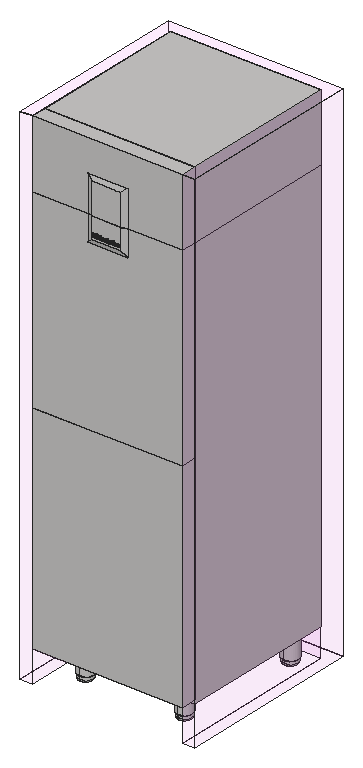
Revit family "QF_ELECTROLUXPROFESSIONAL_691348_PS04R2FHC", category Specialty Equipment, Revit 2018
Family settings
  Round Connector Dimension = Use Diameter
  Part Type = Normal
  Work Plane-Based = No
  Always vertical = Yes
  Cut with Voids When Loaded = No
  Shared = No
  Room Calculation Point = No
Parameters (values of type "Standard")
  Weight = 21.8091 lbm
  Watts = 0 W
  Volts = 220 V
  URL Manufacturer = "http://professional.electrolux.com"
  URL = "http://professional.electrolux.com"
  Steam Supply Size = 0"
  Steam Supply Minimum Pressure = 0.00 psi
  Steam Supply Maximum Pressure = 0.00 psi
  Steam Pounds per Hour = 0
  Show Clearance [instance] = yes
  Refrigeration Suction Line Size = 0"
  Refrigeration Liquid Line Size = 0"
  Refrigerant Compressor Remote = yes
  Phase = 1
  Model = "PS04R2FHC"
  Manufacturer = "Electrolux Professional"
  Length Actual = 600 mm  # constant formula
  Item Number = "691348"
  Hot Water Size = 0"
  Height Actual = 2040 mm  # constant formula
  HP = "0.2 HP"
  Gas Size = 0"
  Gas KW = 0
  Gas Input Pressure = 0.0 Btu/h
  Direct Waste Size = 0"
  Description = "2-DOOR REFRIGERATOR 470LT,0/+10°,PROSTORE-R290"
  Depth Actual = 700 mm  # constant formula
  Cycle = 50 Hz
  Condensate Return Size = 0"
  Compressed Air Volume = 0 GPM
  Compressed Air Size = 0"
  Compressed Air Pressure = 0.00 psi
  Cold Water Size = 0"
  Accessory = yes
Types (2, lengths in mm): name | URL | Phase | Model | Manufacturer | Description
  (no name) | "http://professional.electrolux.com/" | 0 | "RBC201" | "Electrolux" | "BLAST CHILLER 56 KG 20 GN1/1"
  Standard | "http://professional.electrolux.com" | 1 | "PS04R2FHC" | "Electrolux Professional" | "2-DOOR REFRIGERATOR 470LT,0/+10°,PROSTORE-R290"
Values of the unnamed type that differ from the named types
  Volts = 380 V
  URL Manufacturer = "http://professional.electrolux.com/"
  Item Number = "726624"
Reference planes
  plane 1 "BACK": y = 0
  plane 2: z = 0
  plane 3 "LEFT": x = 0
  plane 4 "RIGHT": x = 600
  plane 5 "FRONT": y = -700
  plane 6 "TOP": z = 2040
  plane 7 "Center Y": x = 300
  plane 8 "Center X": y = -350
  plane 9: x = 102
  plane 10: x = 498
  plane 11: z = 115
  plane 12: z = 86
  plane 13: y = -76
  plane 14: y = -694
  plane 15: y = -1227
  plane 16: y = -630
  plane 17: z = 1770
  plane 18: x = -50
  plane 19: y = 50
  plane 20: x = 650
Forms (mm)
  Extrusion 1, solid, material "QF_Metal - Stainless - Polished"
    sketch origin (0, 0, 0) x (1, 0, 0) y (0, 0, 1)
      loop
        line (0, 2040) -> (0, 1770) -> (600, 1770) -> (600, 2040) -> (0, 2040)
    from 0 to 630
  Extrusion 2, solid, material "QF_Metal - Stainless - Polished"
    sketch origin (0, 0, 0) x (1, 0, 0) y (0, 0, 1)
      loop
        line (0, 1770) -> (0, 115) -> (600, 115) -> (600, 1770) -> (0, 1770)
    from 0 to 630
  Extrusion 3, solid, material "QF_Metal - Stainless - Polished"
    sketch origin (-370, 0, -128) x (1, 0, 0) y (0, 0, 1)
      loop
        circle (450, 1847.083) r 20
    from -7.507 to 0
  Extrusion 4, solid, material "QF_Door-Drawer Clearances", visible <- "Show Clearance", detail levels coarse
    sketch origin (0, 0, 0) x (1, 0, 0) y (0, 1, 0)
      loop
        line (600, -694) -> (0, -694)
        arc (0, -694) -> (187.42, -1087.232) -> (600, -1227) r 559.707
        line (600, -1227) -> (600, -694)
    from 127.536 to 995.399
  Extrusion 5, solid, material "QF_Metal - Stainless - Polished"
    sketch origin (0, 130.478, 0) x (1, 0, 0) y (0, 0, 1)
      loop
        line (0, 2040) -> (0, 1770) -> (600, 1770) -> (600, 2040) -> (0, 2040)
    from 760.478 to 824.478
  Extrusion 6, solid, material "QF_Metal - Stainless - Polished"
    sketch origin (0, 140, 0) x (1, 0, 0) y (0, 0, 1)
      loop
        line (0, 1770) -> (0, 995.399) -> (600, 995.399) -> (600, 1770) -> (0, 1770)
    from 834 to 770
  Revolve 7, solid, material "QF_Metal - Stainless - Polished"
    sketch origin (497.59, -1.833, 0) x (0, 1, 0) y (0, 0, -1)
      loop
        line (-590.954, -115) -> (-553.167, -115) -> (-553.167, 0) -> (-578.757, 0)
        arc (-578.757, 0) -> (-580.973, -2.655) -> (-581.767, -6.021) r 7.527
        line (-581.767, -6.021) -> (-581.767, -17.561) -> (-585.28, -21.074) -> (-585.28, -110.008) -> (-590.954, -110.008) -> (-590.954, -115)
      axis (-553.167, 0) -> (-553.167, -115)
    angle from 0 to 360
  Revolve 8, solid, material "QF_Metal - Stainless - Polished"
    sketch origin (102, -1.833, 0) x (0, 1, 0) y (0, 0, 1)
      loop
        line (-590.954, 115) -> (-590.954, 110.008) -> (-585.28, 110.008) -> (-585.28, 21.074) -> (-581.767, 17.561) -> (-581.767, 6.021)
        arc (-581.767, 6.021) -> (-580.973, 2.655) -> (-578.757, 0) r 7.527
        line (-578.757, 0) -> (-553.167, 0) -> (-553.167, 115) -> (-590.954, 115)
      axis (-553.167, 0) -> (-553.167, 115)
    angle from 0 to 360
  Revolve 9, solid, material "QF_Metal - Stainless - Polished"
    sketch origin (538, -759.167, 0) x (0, -1, 0) y (0, 0, 1)
      loop
        line (-720.954, 115) -> (-720.954, 110.008) -> (-715.28, 110.008) -> (-715.28, 21.074) -> (-711.767, 17.561) -> (-711.767, 6.021)
        arc (-711.767, 6.021) -> (-710.973, 2.655) -> (-708.757, 0) r 7.527
        line (-708.757, 0) -> (-683.167, 0) -> (-683.167, 115) -> (-720.954, 115)
      axis (-683.167, 0) -> (-683.167, 115)
    angle from 0 to 360
  Revolve 10, solid, material "QF_Metal - Stainless - Polished"
    sketch origin (62, -759.167, 0) x (0, -1, 0) y (0, 0, 1)
      loop
        line (-720.954, 115) -> (-720.954, 110.008) -> (-715.28, 110.008) -> (-715.28, 21.074) -> (-711.767, 17.561) -> (-711.767, 6.021)
        arc (-711.767, 6.021) -> (-710.973, 2.655) -> (-708.757, 0) r 7.527
        line (-708.757, 0) -> (-683.167, 0) -> (-683.167, 115) -> (-720.954, 115)
      axis (-683.167, 0) -> (-683.167, 115)
    angle from 0 to 360
  Blend 11, solid, material "QF_Metal - Stainless - Polished"
    base sketch origin (-150, -694, 0) x (1, 0, 0) y (0, 0, 1)
      loop
        line (370, 1914.822) -> (370, 1664.822) -> (530, 1664.822) -> (530, 1914.822) -> (370, 1914.822)
    top sketch origin (-150, -694, 0) x (1, 0, 0) y (0, 0, 1)
      loop
        line (510, 1894.822) -> (390, 1894.822) -> (390, 1684.822) -> (510, 1684.822) -> (510, 1894.822)
    from 0 to 6
  Extrusion 12, void
    sketch origin (-150, -700, 0) x (-1, 0, 0) y (0, 0, 1)
      loop
        line (-370, 1770.997) -> (-530, 1770.997) -> (-530, 1769.003) -> (-370, 1769.003) -> (-370, 1770.997)
    from 0 to 6
  Extrusion 13, solid, material "QF_Door-Drawer Clearances"
    sketch origin (0, 0, 0) x (1, 0, 0) y (0, 1, 0)
      loop
        line (0, -694) -> (0, 0) -> (600, 0) -> (600, -694) -> (650, -694) -> (650, 50) -> (-50, 50) -> (-50, -694) -> (0, -694)
    from 0 to 2040
  Extrusion 14, solid, material "QF_Door-Drawer Clearances", visible <- "Show Clearance", detail levels coarse
    sketch origin (0, 0, 0) x (1, 0, 0) y (0, 1, 0)
      loop
        line (600, -694) -> (0, -694)
        arc (0, -694) -> (187.42, -1087.232) -> (600, -1227) r 559.707
        line (600, -1227) -> (600, -694)
    from 995.399 to 1770
  Extrusion 15, solid, material "QF_Metal - Stainless - Polished"
    sketch origin (0, 140, 0) x (1, 0, 0) y (0, 0, 1)
      loop
        line (0, 995.399) -> (0, 127.536) -> (600, 127.536) -> (600, 995.399) -> (0, 995.399)
    from 834 to 770
Cuts and joins
  Extrusion 12 cuts Extrusion 1
  Extrusion 12 cuts Extrusion 2
  Extrusion 12 cuts Extrusion 5
  Extrusion 12 cuts Extrusion 6
  Extrusion 12 cuts Blend 11
Lines and regions (mm)
  Split face 1
    outline origin (-150, -700, 0) x (1, 0, 0) y (0, 0, 1)
      loop
        line (415, 1894.822) -> (415, 1742.499) -> (485, 1742.499) -> (485, 1894.822)
  symbolic lines
    curve 1: line (0, 0, 0) -> (600, 0, 0)
    curve 2: line (0, -694, 0) -> (0, 0, 0)
    curve 3: line (600, -694, 0) -> (0, -694, 0)
    curve 4: line (600, 0, 0) -> (600, -694, 0)
    curve 5: line (0, -630, 0) -> (600, -630, 0)
    curve 6: line (220, -694, 0) -> (240, -700, 0)
    curve 7: line (240, -700, 0) -> (360, -700, 0)
    curve 8: line (360, -700, 0) -> (380, -694, 0)
  symbolic lines, style "QF_Door-Drawer Clearances"
    curve 9: arc (0, -694, 0) -> (187.42, -1087.232, 0) -> (600, -1227, 0) r 559.707
    curve 10: line (600, -1227, 0) -> (600, -694, 0)
    curve 11: line (0, -694, 0) -> (-50, -694, 0)
    curve 12: line (-50, -694, 0) -> (-50, 50, 0)
    curve 13: line (-50, 50, 0) -> (650, 50, 0)
    curve 14: line (650, 50, 0) -> (650, -694, 0)
    curve 15: line (650, -694, 0) -> (600, -694, 0)
Dimensions and locks
  equal spacing: plane 3 "LEFT", plane 7 "Center Y", plane 4 "RIGHT"
  plane 3 "LEFT" to plane 4 "RIGHT" = 600 mm
  equal spacing: plane 5 "FRONT", plane 8 "Center X", plane 1 "BACK"
  plane 5 "FRONT" to plane 1 "BACK" = 700 mm
  plane 6 "TOP" to level = 2040 mm
  plane 9 to plane 3 "LEFT" = 102 mm
  plane 10 to plane 4 "RIGHT" = 102 mm
  plane 11 to level = 115 mm
  plane 12 to plane 11 = 29 mm
  plane 1 "BACK" to plane 13 = 76 mm
  plane 15 to plane 1 "BACK" = 1227 mm
  plane 3 "LEFT" to Extrusion 4 = 600 mm
  plane 11 to plane 2 = 115 mm
  plane 1 "BACK" to plane 16 = 630 mm
  plane 18 to plane 3 "LEFT" = 50 mm
  plane 4 "RIGHT" to plane 20 = 50 mm
  plane 1 "BACK" to plane 19 = 50 mm
  aligned and locked: level to plane 2
  aligned and locked: Extrusion 5 to plane 4 "RIGHT"
  aligned and locked: Extrusion 5 to plane 3 "LEFT"
  aligned and locked: plane 5 "FRONT" to Blend 11
  aligned and locked: Extrusion 15 to Extrusion 4
  aligned and locked: Extrusion 14 to Extrusion 6
Automatic sketch dimensions
  Extrusion 1 sketch curve to plane 3 "LEFT" = 0 mm
  plane 4 "RIGHT" to Extrusion 1 sketch curve = 0 mm
  Extrusion 1 sketch curve to plane 17 = 0 mm
  Extrusion 1 sketch curve to plane 6 "TOP" = 0 mm
  Extrusion 2 sketch curve to plane 3 "LEFT" = 0 mm
  plane 4 "RIGHT" to Extrusion 2 sketch curve = 0 mm
  Extrusion 2 sketch curve to plane 11 = 0 mm
  Extrusion 2 sketch curve to plane 17 = 0 mm
  Extrusion 3 sketch curve to plane 9 = 22 mm
  Extrusion 3 sketch curve to plane 17 = 50.917 mm
  Extrusion 4 sketch curve to plane 3 "LEFT" = 0 mm
  Extrusion 4 sketch curve to plane 4 "RIGHT" = 0 mm
  Extrusion 4 sketch curve to plane 15 = 0 mm
  plane 14 to Extrusion 4 sketch curve = 0 mm
  Extrusion 4 sketch curve to plane 14 = 25.214 mm
  Extrusion 5 sketch curve to plane 3 "LEFT" = 0 mm
  plane 4 "RIGHT" to Extrusion 5 sketch curve = 0 mm
  Extrusion 5 sketch curve to plane 17 = 0 mm
  Extrusion 5 sketch curve to plane 6 "TOP" = 0 mm
  Extrusion 6 sketch curve to plane 3 "LEFT" = 0 mm
  plane 4 "RIGHT" to Extrusion 6 sketch curve = 0 mm
  Extrusion 6 sketch curve to plane 17 = 0 mm
  plane 11 to Extrusion 6 sketch curve = 880.399 mm
  plane 11 to Revolve 7 sketch curve = 0 mm
  Revolve 7 sketch curve to level = 0 mm
  plane 16 to Revolve 7 sketch curve = 37.213 mm
  Revolve 7 sketch curve to Revolve 7 sketch curve = 5.674 mm
  Revolve 7 sketch curve to Revolve 7 sketch curve = 3.513 mm  (x2)
  Revolve 7 sketch curve to Revolve 7 sketch curve = 3.01 mm
  level to Revolve 7 sketch curve = 6.021 mm
  Revolve 7 sketch curve to Revolve 7 sketch curve = 21.073 mm
  Revolve 7 sketch curve to plane 11 = 4.992 mm  (x2)
  Revolve 7 sketch curve to Revolve 7 sketch curve = 15.053 mm
  Revolve 7 sketch curve to Revolve 7 sketch curve = 0 mm
  Revolve 7 sketch curve to Revolve 7 sketch curve = 20.008 mm
  Revolve 8 sketch curve to plane 11 = 0 mm
  Revolve 8 sketch curve to level = 0 mm
  plane 16 to Revolve 8 sketch curve = 37.213 mm
  Revolve 8 sketch curve to Revolve 8 sketch curve = 5.674 mm
  Revolve 8 sketch curve to Revolve 8 sketch curve = 3.513 mm  (x2)
  Revolve 8 sketch curve to Revolve 8 sketch curve = 3.01 mm
  level to Revolve 8 sketch curve = 6.021 mm
  Revolve 8 sketch curve to Revolve 8 sketch curve = 21.073 mm
  Revolve 8 sketch curve to Revolve 8 sketch curve = 11.54 mm
  Revolve 8 sketch curve to plane 11 = 4.992 mm
  Revolve 8 sketch curve to Revolve 8 sketch curve = 0 mm
  Revolve 8 sketch curve to Revolve 8 sketch curve = 4.992 mm
  plane 11 to Revolve 8 sketch curve = 20.008 mm
  Revolve 9 sketch curve to plane 11 = 0 mm
  Revolve 9 sketch curve to level = 0 mm
  Revolve 9 sketch curve to plane 13 = 0 mm  (x2)
  level to Revolve 9 sketch curve = 6.021 mm
  Revolve 9 sketch curve to plane 13 = 21.073 mm
  Revolve 9 sketch curve to Revolve 9 sketch curve = 4.517 mm
  Revolve 9 sketch curve to Revolve 9 sketch curve = 3.513 mm  (x2)
  Revolve 9 sketch curve to Revolve 9 sketch curve = 5.674 mm
  Revolve 9 sketch curve to Revolve 9 sketch curve = 11.54 mm
  Revolve 9 sketch curve to plane 11 = 4.992 mm
  Revolve 9 sketch curve to Revolve 9 sketch curve = 4.992 mm
  plane 11 to Revolve 9 sketch curve = 20.008 mm
  Revolve 10 sketch curve to plane 11 = 0 mm
  Revolve 10 sketch curve to level = 0 mm
  Revolve 10 sketch curve to plane 13 = 0 mm  (x2)
  Revolve 10 sketch curve to level = 6.021 mm
  plane 13 to Revolve 10 sketch curve = 21.073 mm
  Revolve 10 sketch curve to Revolve 10 sketch curve = 4.517 mm
  Revolve 10 sketch curve to Revolve 10 sketch curve = 3.513 mm  (x2)
  Revolve 10 sketch curve to Revolve 10 sketch curve = 5.674 mm
  Revolve 10 sketch curve to Revolve 10 sketch curve = 11.54 mm
  plane 11 to Revolve 10 sketch curve = 4.992 mm  (x2)
  Revolve 10 sketch curve to Revolve 10 sketch curve = 20.008 mm
  Blend 11 sketch curve to Extrusion 6 = 105.178 mm
  Blend 11 sketch curve to Extrusion 6 = 220 mm
  Blend 11 sketch curve to Blend 11 sketch curve = 160 mm
  Extrusion 6 to Blend 11 sketch curve = 144.822 mm
  Extrusion 6 to Blend 11 sketch curve = 124.822 mm
  Blend 11 sketch curve to Extrusion 6 = 240 mm
  Blend 11 sketch curve to Blend 11 sketch curve = 120 mm
  Blend 11 sketch curve to Extrusion 6 = 85.178 mm
  Split face 1 sketch curve to Blend 11 = 0 mm  (x2)
  Split face 1 sketch curve to Blend 11 = 25 mm  (x2)
  Split face 1 sketch curve to Blend 11 = 57.677 mm
  Extrusion 12 sketch curve to Blend 11 = 20 mm  (x2)
  Blend 11 to Extrusion 12 sketch curve = 84.181 mm
  Extrusion 12 sketch curve to Extrusion 12 sketch curve = 1.995 mm
  Extrusion 13 sketch curve to plane 18 = 0 mm
  plane 1 "BACK" to Extrusion 13 sketch curve = 0 mm
  Extrusion 13 sketch curve to plane 3 "LEFT" = 0 mm
  Extrusion 13 sketch curve to plane 4 "RIGHT" = 0 mm
  Extrusion 13 sketch curve to plane 19 = 0 mm
  Extrusion 13 sketch curve to plane 20 = 0 mm
  plane 14 to Extrusion 13 sketch curve = 0 mm  (x2)
  curve 13 to plane 18 = 0 mm
  curve 3 to plane 3 "LEFT" = 0 mm
  plane 5 "FRONT" to curve 7 = 0 mm
  curve 9 to plane 4 "RIGHT" = 0 mm
  curve 15 to plane 4 "RIGHT" = 0 mm
  plane 14 to curve 14 = 0 mm
  curve 14 to plane 20 = 0 mm
  curve 10 to plane 15 = 0 mm
  curve 5 to plane 16 = 0 mm
  plane 1 "BACK" to curve 4 = 0 mm
  curve 13 to plane 19 = 0 mm
  curve 7 to plane 7 "Center Y" = 60 mm
  plane 7 "Center Y" to curve 8 = 60 mm
  curve 9 to plane 14 = 25.214 mm
  curve 6 to curve 6 = 20 mm
  curve 7 to curve 8 = 20 mm
  Extrusion 14 sketch curve to plane 3 "LEFT" = 0 mm
  Extrusion 14 sketch curve to plane 4 "RIGHT" = 0 mm
  Extrusion 14 sketch curve to plane 15 = 0 mm
  plane 14 to Extrusion 14 sketch curve = 0 mm
  Extrusion 14 sketch curve to plane 14 = 25.214 mm
  Extrusion 15 sketch curve to plane 3 "LEFT" = 0 mm
  plane 4 "RIGHT" to Extrusion 15 sketch curve = 0 mm
  Extrusion 15 sketch curve to plane 17 = 774.601 mm
  plane 11 to Extrusion 15 sketch curve = 12.536 mm
  radius of Extrusion 3 sketch curve = 20 mm
Nested families
  nested 1: "ELX_Logo_S" at (300.625, -700, 1704.375) x (1, 0, 0) z (0, -1, 0), type "ELX_Logo_S"
Connectors
  electrical at (80, 7.507, 1719.083), driven by "Volts"
    settings: on Extrusion 3, index 2, voltage 220 V, apparent load 0 VA, apparent load phase1 0 VA, apparent load phase2 0 VA, apparent load phase3 0 VA, power factor 1, load classification "Other", number of poles 1, system type 30, power factor state 1, is connector primary yes, connector utility no, sub classification motor no, connector description "Electrical Connection"
Definition of nested family "ELX_Logo_S"
  Parameters (values of type "ELX_Logo_S")
    Default Elevation = 0 mm
  Reference planes
    plane 1 "Centro (Fronte/Retro)": y = 0
    plane 2: z = 0
    plane 3 "Centro (Sinistra/Destra)": x = 0
  Forms (mm)
    Extrusion 1, solid
      sketch origin (0, 0, 0) x (1, 0, 0) y (0, 1, 0)
        loop
          line (-1219.2, 1219.2) -> (-1219.2, -1219.2) -> (1219.2, -1219.2) -> (1219.2, 1219.2) -> (-1219.2, 1219.2)
      from 0 to -304.8
    Extrusion 2, solid
      sketch origin (0, 0, 0) x (1, 0, 0) y (0, 1, 0)
        loop
          line (-43.793, 5.912) -> (-43.793, -6.455)
          arc (-43.793, -6.455) -> (-39.222, -0.272) -> (-43.793, 5.912) r 6.467
        loop
          arc (-44.422, 5.912) -> (-49.565, 4.743) -> (-52.043, 0.087) r 6.338
          line (-52.043, 0.087) -> (-49.997, 0.087)
          arc (-49.997, 0.087) -> (-46.342, 1.57) -> (-44.422, 5.016) r 5.941
          line (-44.422, 5.016) -> (-44.422, 5.912)
        loop
          arc (-44.422, -5.559) -> (-46.342, -2.114) -> (-49.997, -0.63) r 5.941
          line (-49.997, -0.63) -> (-52.043, -0.63)
          arc (-52.043, -0.63) -> (-49.569, -5.324) -> (-44.422, -6.614) r 6.504
          line (-44.422, -6.614) -> (-44.422, -5.559)
        loop
          line (-52.512, 6.586) -> (-52.512, -7.158) -> (-38.749, -7.158) -> (-38.749, 6.586) -> (-52.512, 6.586)
        loop
          arc (-35.782, 6.67) -> (-36.139, 6.322) -> (-35.801, 5.955) r 0.358
          arc (-35.801, 5.955) -> (-35.051, 5.641) -> (-34.666, 4.924) r 1.216
          line (-34.666, 4.924) -> (-34.666, -5.488)
          arc (-34.666, -5.488) -> (-34.944, -6.148) -> (-35.54, -6.544) r 1.238
          arc (-35.54, -6.544) -> (-35.791, -6.939) -> (-35.437, -7.244) r 0.358
          line (-35.437, -7.244) -> (-25.558, -7.244) -> (-25.558, -4.494) -> (-26.455, -4.494)
          arc (-26.455, -4.494) -> (-27.035, -5.403) -> (-28.012, -5.858) r 1.928
          line (-28.012, -5.858) -> (-30.511, -5.858)
          arc (-30.511, -5.858) -> (-31.24, -5.583) -> (-31.604, -4.894) r 1.101
          line (-31.604, -4.894) -> (-31.604, -0.808) -> (-27.931, -0.808)
          arc (-27.931, -0.808) -> (-27.434, -1.16) -> (-27.206, -1.725) r 1.083
          arc (-27.206, -1.725) -> (-26.9, -1.989) -> (-26.622, -1.697) r 0.292
          line (-26.622, -1.697) -> (-26.622, 1.265)
          arc (-26.622, 1.265) -> (-26.895, 1.568) -> (-27.225, 1.329) r 0.305
          arc (-27.225, 1.329) -> (-27.473, 0.839) -> (-27.931, 0.534) r 1.083
          line (-27.931, 0.534) -> (-31.604, 0.534) -> (-31.604, 5.211) -> (-27.857, 5.211)
          arc (-27.857, 5.211) -> (-27.101, 4.997) -> (-26.603, 4.39) r 1.314
          arc (-26.603, 4.39) -> (-26.199, 4.171) -> (-25.907, 4.526) r 0.361
          line (-25.907, 4.526) -> (-25.907, 6.67) -> (-35.782, 6.67)
        loop
          arc (-25.126, 5.953) -> (-24.207, 5.572) -> (-23.827, 4.654) r 1.299
          line (-23.827, 4.654) -> (-23.827, -4.925)
          arc (-23.827, -4.925) -> (-24.205, -5.763) -> (-25.083, -6.035) r 1.118
          line (-25.083, -6.035) -> (-25.083, -7.244) -> (-19.733, -7.244) -> (-19.733, -6.056)
          arc (-19.733, -6.056) -> (-20.65, -5.784) -> (-21.046, -4.914) r 1.153
          line (-21.046, -4.914) -> (-21.046, 7.158) -> (-25.126, 5.953)
        loop
          line (-17.097, -2.28) -> (-10.65, -2.28) -> (-10.65, -1.481)
          arc (-10.65, -1.481) -> (-11.634, 1.1) -> (-14.088, 2.369) r 3.874
          line (-14.088, 2.369) -> (-15.848, 2.369)
          arc (-15.848, 2.369) -> (-18.713, 1.182) -> (-19.899, -1.682) r 4.051
          line (-19.899, -1.682) -> (-19.899, -3.691)
          arc (-19.899, -3.691) -> (-18.414, -6.509) -> (-15.407, -7.561) r 4.352
          arc (-15.407, -7.561) -> (-12.944, -7.196) -> (-10.87, -5.819) r 5.713
          line (-10.87, -5.819) -> (-10.87, -4.87)
          arc (-10.87, -4.87) -> (-12.439, -5.603) -> (-14.157, -5.819) r 5.579
          arc (-14.157, -5.819) -> (-16.12, -5.025) -> (-17.097, -3.146) r 3.057
          line (-17.097, -3.146) -> (-17.097, -2.28)
        loop
          line (-17.097, -1.02) -> (-13.515, -1.02)
          arc (-13.515, -1.02) -> (-13.468, 0.436) -> (-14.627, 1.319) r 1.59
          line (-14.627, 1.319) -> (-15.457, 1.319)
          arc (-15.457, 1.319) -> (-16.712, 0.455) -> (-17.097, -1.02) r 2.184
        loop
          arc (-1.232, 1.771) -> (-2.906, 2.259) -> (-4.643, 2.417) r 9.023
          line (-4.643, 2.417) -> (-6.005, 2.417)
          arc (-6.005, 2.417) -> (-8.805, 1.257) -> (-9.965, -1.542) r 3.959
          line (-9.965, -1.542) -> (-9.965, -4.142)
          arc (-9.965, -4.142) -> (-8.672, -6.424) -> (-6.299, -7.541) r 4.331
          line (-6.299, -7.541) -> (-4.164, -7.541)
          arc (-4.164, -7.541) -> (-2.614, -7.033) -> (-1.268, -6.112) r 5.772
          arc (-1.268, -6.112) -> (-1.217, -5.35) -> (-1.976, -5.263) r 0.553
          arc (-1.976, -5.263) -> (-2.71, -5.651) -> (-3.529, -5.785) r 2.573
          line (-3.529, -5.785) -> (-5.044, -5.785)
          arc (-5.044, -5.785) -> (-6.686, -4.779) -> (-7.328, -2.965) r 2.884
          line (-7.328, -2.965) -> (-7.328, -1.686)
          arc (-7.328, -1.686) -> (-6.768, 0.135) -> (-5.103, 1.062) r 2.554
          line (-5.103, 1.062) -> (-4.05, 1.062)
          arc (-4.05, 1.062) -> (-3.122, 0.73) -> (-2.387, 0.073) r 2.564
          arc (-2.387, 0.073) -> (-1.67, -0.148) -> (-1.232, 0.461) r 0.643
          line (-1.232, 0.461) -> (-1.232, 1.771)
        loop
          line (-0.962, 0.752) -> (0.539, 0.752) -> (0.539, -5.296)
          arc (0.539, -5.296) -> (1.197, -6.884) -> (2.785, -7.541) r 2.246
          line (2.785, -7.541) -> (4.369, -7.541)
          arc (4.369, -7.541) -> (5.233, -7.228) -> (6.005, -6.727) r 4.06
          arc (6.005, -6.727) -> (6.138, -5.995) -> (5.437, -5.743) r 0.576
          arc (5.437, -5.743) -> (4.911, -5.849) -> (4.379, -5.785) r 1.69
          arc (4.379, -5.785) -> (3.591, -5.244) -> (3.288, -4.337) r 1.506
          line (3.288, -4.337) -> (3.288, 0.801) -> (5.685, 0.801) -> (6.241, 1.357) -> (6.241, 2.179) -> (3.382, 2.179) -> (3.382, 5.41) -> (-0.962, 0.752)
        loop
          line (7.139, -7.324) -> (12.526, -7.324) -> (12.526, -6.214)
          arc (12.526, -6.214) -> (11.575, -5.82) -> (11.181, -4.869) r 1.345
          line (11.181, -4.869) -> (11.181, -1.253)
          arc (11.181, -1.253) -> (11.773, -0.488) -> (12.695, -0.199) r 1.615
          line (12.695, -0.199) -> (14.251, -0.199) -> (14.936, 2.357) -> (13.553, 2.357) -> (10.994, 0.414) -> (10.994, 2.295) -> (8.288, 2.01)
          arc (8.288, 2.01) -> (7.758, 1.571) -> (7.959, 0.912) r 0.621
          arc (7.959, 0.912) -> (8.301, 0.512) -> (8.484, 0.018) r 1.501
          line (8.484, 0.018) -> (8.484, -4.869)
          arc (8.484, -4.869) -> (8.09, -5.82) -> (7.139, -6.214) r 1.345
          line (7.139, -6.214) -> (7.139, -7.324)
        loop
          line (14.473, -1.222) -> (14.473, -3.914)
          arc (14.473, -3.914) -> (15.781, -6.36) -> (18.311, -7.494) r 4.288
          arc (18.311, -7.494) -> (19.692, -7.557) -> (21.072, -7.494) r 15.022
          arc (21.072, -7.494) -> (23.603, -6.36) -> (24.91, -3.914) r 4.288
          line (24.91, -3.914) -> (24.91, -1.222)
          arc (24.91, -1.222) -> (23.603, 1.223) -> (21.072, 2.357) r 4.288
          arc (21.072, 2.357) -> (19.692, 2.421) -> (18.311, 2.357) r 15.022
          arc (18.311, 2.357) -> (15.781, 1.223) -> (14.473, -1.222) r 4.288
        loop
          line (17.587, -1.017) -> (17.587, -4.119)
          arc (17.587, -4.119) -> (19.744, -6.276) -> (21.901, -4.119) r 2.157
          line (21.901, -4.119) -> (21.901, -1.017)
          arc (21.901, -1.017) -> (19.744, 1.14) -> (17.587, -1.017) r 2.157
        loop
          arc (24.768, 5.964) -> (25.662, 5.593) -> (26.033, 4.699) r 1.264
          line (26.033, 4.699) -> (26.033, -5.165)
          arc (26.033, -5.165) -> (25.636, -6.035) -> (24.72, -6.307) r 1.153
          line (24.72, -6.307) -> (24.72, -7.244) -> (29.828, -7.244) -> (29.828, -6.316)
          arc (29.828, -6.316) -> (29.056, -5.957) -> (28.741, -5.165) r 1.153
          line (28.741, -5.165) -> (28.741, 7.158) -> (24.768, 5.964)
        loop
          arc (29.365, 1.084) -> (30.43, 0.885) -> (30.912, -0.085) r 1.215
          line (30.912, -0.085) -> (30.912, -5.105)
          arc (30.912, -5.105) -> (31.559, -6.719) -> (33.142, -7.44) r 2.338
          line (33.142, -7.44) -> (34.657, -7.44)
          arc (34.657, -7.44) -> (35.661, -7.266) -> (36.547, -6.763) r 2.979
          line (36.547, -6.763) -> (38.344, -7.244) -> (40.032, -7.244) -> (40.032, 2.181) -> (35.829, 1.887) -> (35.829, 1.101)
          arc (35.829, 1.101) -> (36.665, 0.745) -> (37.174, -0.007) r 1.605
          line (37.174, -0.007) -> (37.174, -5.11)
          arc (37.174, -5.11) -> (36.237, -5.531) -> (35.213, -5.603) r 2.94
          arc (35.213, -5.603) -> (34.112, -5.042) -> (33.669, -3.889) r 1.724
          line (33.669, -3.889) -> (33.669, 2.307) -> (29.365, 1.084)
        loop
          line (40.886, 2.112) -> (42.932, 0.44) -> (45.238, -2.734) -> (42.126, -6.191)
          arc (42.126, -6.191) -> (41.732, -6.428) -> (41.273, -6.405) r 0.789
          line (41.273, -6.405) -> (41.273, -7.244) -> (44.818, -7.244) -> (44.818, -6.418)
          arc (44.818, -6.418) -> (44.456, -6.076) -> (44.548, -5.586) r 0.52
          line (44.548, -5.586) -> (46.019, -3.786) -> (47.394, -5.904)
          arc (47.394, -5.904) -> (47.084, -6.305) -> (46.585, -6.392) r 0.7
          line (46.585, -6.392) -> (46.585, -7.244) -> (52.512, -7.244) -> (52.512, -6.358)
          arc (52.512, -6.358) -> (51.853, -6.291) -> (51.322, -5.896) r 1.247
          line (51.322, -5.896) -> (48.041, -1.696) -> (50.094, 0.751) -> (51.836, 2.112) -> (48.112, 2.112) -> (48.535, 0.627) -> (47.258, -0.895) -> (46.068, 0.806) -> (46.844, 2.112) -> (40.886, 2.112)
      from 0 to 1.644
  Dimensions and locks
    aligned and locked: plane 2 to Extrusion 1
    aligned and locked: level to Extrusion 1
